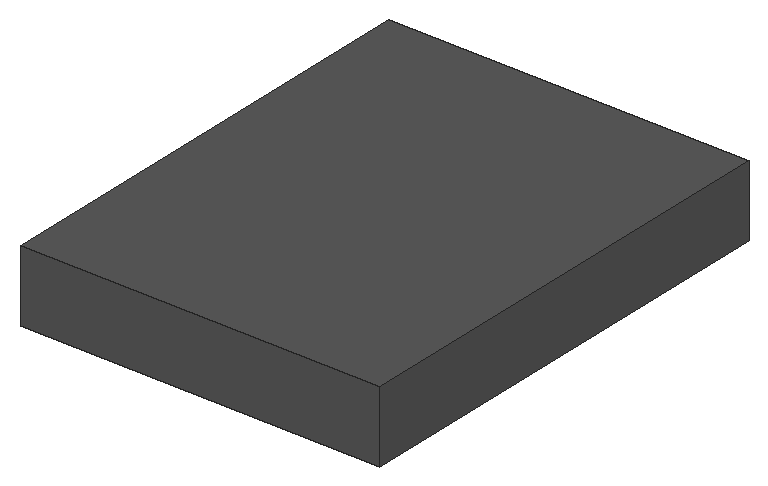
Revit family "FAD xx02", category Communication Devices, Revit 2020
Family settings
  Maintain Annotation Orientation = No
  Round Connector Dimension = Use Diameter
  Part Type = Normal
  Work Plane-Based = Yes
  Always vertical = No
  Cut with Voids When Loaded = Yes
  Shared = No
  Room Calculation Point = No
Parameters
  Weight (kg) [instance] = 2.6  # constant formula
  Voltage [instance] = "100 - 250 VAC"  # constant formula
  Model = "FAD xx02"
  Manufacturer = "Lab Gruppen"
  Default Elevation = 0 mm
  Current (Max) [instance] = 1  # constant formula
Reference planes
  plane 1 "Center (Front/Back)": y = 0
  plane 2: z = 0
  plane 3 "Center (Left/Right)": x = 0
  plane 4 "Rear panel": y = 278
  plane 5 "Front Panel": y = -2
Forms (mm)
  Extrusion 1, solid, material "Aluminium, Black"
    sketch origin (0, 0, 0) x (1, 0, 0) y (0, 0, 1)
      loop
        line (-108.999, 0) -> (108.999, 0) -> (108.999, 43.409) -> (-108.999, 43.409) -> (-108.999, 0)
    from 2 to -278
  Extrusion 2, void
    sketch origin (0, 278, 0) x (1, 0, 0) y (0, 0, 1)
      loop
        line (91.847, 28.878) -> (65.396, 28.878) -> (65.396, 9.945) -> (91.847, 9.945) -> (91.847, 28.878)
    from 0 to 20
  Extrusion 3, void
    sketch origin (-92.225, 278, 0) x (1, 0, 0) y (0, 0, 1)
      loop
        line (84.187, 35.614) -> (66.622, 35.614) -> (66.622, 9.945) -> (84.187, 9.945) -> (84.187, 35.614)
    from 0 to 20
  Extrusion 4, void
    sketch origin (-116.069, 278, 0) x (1, 0, 0) y (0, 0, 1)
      loop
        line (82.502, 19.869) -> (66.622, 19.869) -> (66.622, 5.837) -> (82.502, 5.837) -> (82.502, 19.869)
    from 0 to 20
Cuts and joins
  Extrusion 2, Extrusion 3, Extrusion 4 cuts Extrusion 1
Lines and regions (mm)
  Split face 1
    outline origin (0, -2, 0) x (1, 0, 0) y (0, 0, 1)
      loop
        line (2.245, 35.805) -> (2.245, 30.102) -> (99.216, 30.102) -> (99.216, 35.805) -> (2.245, 35.805)
  Split face 2
    outline origin (108.999, 278, 0) x (0, 0, -1) y (-1, 0, 0)
      loop
        line (-35.603, 100.425) -> (-35.603, 69.407) -> (-26.632, 69.407) -> (-26.632, 77.8) -> (-24.138, 77.8) -> (-24.138, 80.295) -> (-26.632, 80.295) -> (-26.632, 89.536) -> (-24.138, 89.536) -> (-24.138, 92.032) -> (-26.632, 92.032) -> (-26.632, 100.425) -> (-35.603, 100.425)
  Split face 3
    outline origin (108.999, 278, 0) x (0, 0, -1) y (-1, 0, 0)
      loop
        line (-34.09, 80.192) -> (-34.09, 79.391)
        arc (-34.09, 79.391) -> (-34.715, 77.244) -> (-34.09, 75.096) r 4
        line (-34.09, 75.096) -> (-34.09, 74.237) -> (-28.09, 74.237) -> (-28.09, 95.609) -> (-34.09, 95.609) -> (-34.09, 94.824)
        arc (-34.09, 94.824) -> (-34.715, 92.677) -> (-34.09, 90.529) r 4
        line (-34.09, 90.529) -> (-34.09, 89.567)
        arc (-34.09, 89.567) -> (-34.715, 87.42) -> (-34.09, 85.272) r 4
        line (-34.09, 85.272) -> (-34.09, 84.487)
        arc (-34.09, 84.487) -> (-34.715, 82.34) -> (-34.09, 80.192) r 4
  Split face 4
    outline origin (108.999, 278, 0) x (0, 0, -1) y (-1, 0, 0)
      loop
        circle (-28.839, 169.516) r 2.5
  Split face 5
    outline origin (108.999, 278, 0) x (0, 0, -1) y (-1, 0, 0)
      loop
        circle (-28.839, 208.49) r 2.574
  Split face 6
    outline origin (108.999, -2, 0) x (0, 0, 1) y (-1, 0, 0)
      loop
        line (33.294, 16.342) -> (32.296, 16.342) -> (32.296, 15.344) -> (33.294, 15.344) -> (33.294, 16.342)
  Split face 7
    outline origin (108.999, -2, 0) x (0, 0, 1) y (-1, 0, 0)
      loop
        line (33.294, 41.691) -> (32.296, 41.691) -> (32.296, 40.693) -> (33.294, 40.693) -> (33.294, 41.691)
  Split face 8
    outline origin (108.999, -2, 0) x (0, 0, 1) y (-1, 0, 0)
      loop
        line (33.294, 56.267) -> (32.296, 56.267) -> (32.296, 55.269) -> (33.294, 55.269) -> (33.294, 56.267)
  model lines
    curve 1: line (2.494, -2, 28.945) -> (98.963, -2, 28.945)
    curve 2: line (1.094, -2, 35.513) -> (1.094, -2, 30.345)
    curve 3: line (98.963, -2, 36.961) -> (2.542, -2, 36.961)
    curve 4: line (100.363, -2, 30.345) -> (100.363, -2, 35.561)
    curve 5: arc (2.542, -2, 36.961) -> (1.518, -2, 36.537) -> (1.094, -2, 35.513) r 1.448
    curve 6: arc (1.094, -2, 30.345) -> (1.504, -2, 29.356) -> (2.494, -2, 28.945) r 1.4
    curve 7: arc (100.363, -2, 35.561) -> (99.953, -2, 36.551) -> (98.963, -2, 36.961) r 1.4
    curve 8: arc (98.963, -2, 28.945) -> (99.953, -2, 29.356) -> (100.363, -2, 30.345) r 1.4
    curve 9: line (52.628, 278, 35.614) -> (43.067, 278, 35.614)
    curve 10: line (52.628, 278, 25.136) -> (52.628, 278, 35.614)
    curve 11: line (43.067, 278, 25.136) -> (52.628, 278, 25.136)
    curve 12: line (43.067, 278, 35.614) -> (43.067, 278, 25.136)
    curve 13: line (51.18, 278, 32.869) -> (49.583, 278, 32.869)
    curve 14: line (51.18, 278, 27.879) -> (51.18, 278, 32.869)
    curve 15: line (49.583, 278, 27.879) -> (51.18, 278, 27.879)
    curve 16: line (49.583, 278, 32.869) -> (49.583, 278, 27.879)
    curve 17: line (48.645, 278, 32.869) -> (47.048, 278, 32.869)
    curve 18: line (48.645, 278, 27.879) -> (48.645, 278, 32.869)
    curve 19: line (47.048, 278, 27.879) -> (48.645, 278, 27.879)
    curve 20: line (47.048, 278, 32.869) -> (47.048, 278, 27.879)
    curve 21: line (46.11, 278, 32.869) -> (44.514, 278, 32.869)
    curve 22: line (46.11, 278, 27.879) -> (46.11, 278, 32.869)
    curve 23: line (44.514, 278, 27.879) -> (46.11, 278, 27.879)
    curve 24: line (44.514, 278, 32.869) -> (44.514, 278, 27.879)
    curve 25: line (5.095, 278, 35.614) -> (-4.467, 278, 35.614)
    curve 26: line (5.095, 278, 25.136) -> (5.095, 278, 35.614)
    curve 27: line (-4.467, 278, 25.136) -> (5.095, 278, 25.136)
    curve 28: line (-4.467, 278, 35.614) -> (-4.467, 278, 25.136)
    curve 29: line (3.646, 278, 32.869) -> (2.05, 278, 32.869)
    curve 30: line (3.646, 278, 27.879) -> (3.646, 278, 32.869)
    curve 31: line (2.05, 278, 27.879) -> (3.646, 278, 27.879)
    curve 32: line (2.05, 278, 32.869) -> (2.05, 278, 27.879)
    curve 33: line (-0.485, 278, 27.879) -> (1.094, 278, 27.879)
    curve 34: line (-0.485, 278, 32.869) -> (-0.485, 278, 27.879)
    curve 35: line (1.094, 278, 32.869) -> (-0.485, 278, 32.869)
    curve 36: line (1.094, 278, 27.879) -> (1.094, 278, 32.869)
    curve 37: line (-1.423, 278, 27.879) -> (-3.02, 278, 27.879)
    curve 38: line (-1.423, 278, 32.869) -> (-1.423, 278, 27.879)
    curve 39: line (-3.02, 278, 32.869) -> (-1.423, 278, 32.869)
    curve 40: line (-3.02, 278, 27.879) -> (-3.02, 278, 32.869)
    curve 41: circle (-60.517, 278, 28.839) r 3.216 normal (0, -1, 0)
    curve 42: circle (-99.492, 278, 28.839) r 3.216 normal (0, -1, 0)
    curve 43: circle (36.758, 278, 31.391) r 1.248 normal (0, 1, 0)
    curve 44: circle (11.409, 278, 31.39) r 1.248 normal (0, 1, 0)
    curve 45: circle (-29.467, 278, 16.938) r 1.494 normal (0, 1, 0)
    curve 46: circle (-29.467, 278, 16.938) r 1.696 normal (0, 1, 0)
    curve 47: circle (-29.467, 278, 10.601) r 1.494 normal (0, 1, 0)
    curve 48: circle (-29.467, 278, 10.601) r 1.696 normal (0, 1, 0)
    curve 49: circle (-52.597, 278, 17.803) r 0.998 normal (0, 1, 0)
Dimensions and locks
  aligned and locked: level to plane 2
Nested families
  nested 1: "IEC" at (78.622, 278, 18.945) x (-1, 0, 0) z (0, 1, 0), type "IEC"
  nested 2: "RJ45 x2 chassis mount" at (-16.825, 278, 17.223) x (-1, 0, 0) z (0, 1, 0), type "RJ45 x2 chassis mount"
  nested 3: "RJ45 chassis mount" at (-41.507, 278, 12.929) x (-1, 0, 0) z (0, 1, 0), type "RJ45 chassis mount"
Connectors
  electrical at (78.591, 280, 19.42)
    settings: on nested 1, index 1, voltage 120 V, apparent load 0 VA, apparent load phase1 0 VA, apparent load phase2 0 VA, apparent load phase3 0 VA, power factor 1, load classification "Other", number of poles 1, system type 31, power factor state 1, is connector primary yes, connector utility no, sub classification motor no, connector description "100-240VAC IEC"
  electrical at (24.078, 278, 33.09)
    settings: on cut or joined group of Extrusion 1, Extrusion 2, Extrusion 3, Extrusion 4, index 2, voltage 0 V, apparent load 0 VA, apparent load phase1 0 VA, apparent load phase2 0 VA, apparent load phase3 0 VA, power factor 1, load classification "Other", number of poles 1, system type 14, power factor state 1, is connector primary no, connector utility no, sub classification motor no, connector description "Speaker Out - 4pin"
  electrical at (-16.821, 279.5, 22.745)
    settings: on nested 2, index 5, voltage 0 V, apparent load 0 VA, apparent load phase1 0 VA, apparent load phase2 0 VA, apparent load phase3 0 VA, power factor 1, load classification "Other", number of poles 1, system type 13, power factor state 1, is connector primary no, connector utility no, sub classification motor no, connector description "Remote - RJ45"
  electrical at (-41.507, 279.5, 12.853)
    settings: on nested 3, index 6, voltage 0 V, apparent load 0 VA, apparent load phase1 0 VA, apparent load phase2 0 VA, apparent load phase3 0 VA, power factor 1, load classification "Other", number of poles 1, system type 13, power factor state 1, is connector primary no, connector utility no, sub classification motor no, connector description "Network - RJ45"
Definition of nested family "IEC"
  Parameters (values of type "IEC")
    Default Elevation = 1219.2 mm
  Reference planes
    plane 1 "Center (Front/Back)": y = 0
    plane 2: z = 0
    plane 3 "Center (Left/Right)": x = 0
  Forms (mm)
    Extrusion 1, void
      sketch origin (0, 0, 0) x (1, 0, 0) y (0, 1, 0)
        loop
          arc (12, 6.432) -> (11.268, 8.2) -> (9.5, 8.932) r 2.5
          line (9.5, 8.932) -> (-9.5, 8.932)
          arc (-9.5, 8.932) -> (-11.268, 8.2) -> (-12, 6.432) r 2.5
          line (-12, 6.432) -> (-12, -3) -> (-7, -8) -> (7, -8) -> (12, -3) -> (12, 6.432)
      from 2 to -15
    Extrusion 2, solid
      sketch origin (0, 0.834, 0) x (1, 0, 0) y (0, 1, 0)
        loop
          arc (-12.127, 11.082) -> (-14.248, 10.203) -> (-15.127, 8.082) r 3
          line (-15.127, 8.082) -> (-15.127, -8.8)
          arc (-15.127, -8.8) -> (-14.248, -10.921) -> (-12.127, -11.8) r 3
          line (-12.127, -11.8) -> (12.188, -11.8)
          arc (12.188, -11.8) -> (14.309, -10.921) -> (15.188, -8.8) r 3
          line (15.188, -8.8) -> (15.188, 8.082)
          arc (15.188, 8.082) -> (14.309, 10.203) -> (12.188, 11.082) r 3
          line (12.188, 11.082) -> (-12.127, 11.082)
      from 2 to 0
    Extrusion 3, solid
      sketch origin (0, 0, 0) x (1, 0, 0) y (0, 1, 0)
        loop
          line (-8, 3.6) -> (-8, -0.4) -> (-6, -0.4) -> (-6, 3.6) -> (-8, 3.6)
      from 1 to -15
    Extrusion 4, solid
      sketch origin (7, -4, 0) x (1, 0, 0) y (0, 1, 0)
        loop
          line (-8, 3.6) -> (-8, -0.4) -> (-6, -0.4) -> (-6, 3.6) -> (-8, 3.6)
      from 1 to -15
    Extrusion 5, solid
      sketch origin (14, 0, 0) x (1, 0, 0) y (0, 1, 0)
        loop
          line (-8, 3.6) -> (-8, -0.4) -> (-6, -0.4) -> (-6, 3.6) -> (-8, 3.6)
      from 1 to -15
    Extrusion 6, void
      sketch origin (0, 0, 0) x (1, 0, 0) y (0, 1, 0)
        loop
          arc (-11.5, 10.742) -> (-13.268, 10.01) -> (-14, 8.242) r 2.5
          line (-14, 8.242) -> (-14, -7.466)
          arc (-14, -7.466) -> (-13.268, -9.234) -> (-11.5, -9.966) r 2.5
          line (-11.5, -9.966) -> (11.5, -9.966)
          arc (11.5, -9.966) -> (13.268, -9.234) -> (14, -7.466) r 2.5
          line (14, -7.466) -> (14, 8.242)
          arc (14, 8.242) -> (13.268, 10.01) -> (11.5, 10.742) r 2.5
          line (11.5, 10.742) -> (-11.5, 10.742)
      from 0 to -20
    Extrusion 7, solid
      sketch origin (0, 0.834, 0) x (1, 0, 0) y (0, 1, 0)
        loop
          arc (-11.5, 9.908) -> (-13.268, 9.176) -> (-14, 7.408) r 2.5
          line (-14, 7.408) -> (-14, -8.3)
          arc (-14, -8.3) -> (-13.268, -10.068) -> (-11.5, -10.8) r 2.5
          line (-11.5, -10.8) -> (11.5, -10.8)
          arc (11.5, -10.8) -> (13.268, -10.068) -> (14, -8.3) r 2.5
          line (14, -8.3) -> (14, 7.408)
          arc (14, 7.408) -> (13.268, 9.176) -> (11.5, 9.908) r 2.5
          line (11.5, 9.908) -> (-11.5, 9.908)
      from 0 to -20
  Cuts and joins
    Extrusion 1, Extrusion 6 cuts Extrusion 2
    Extrusion 1 cuts Extrusion 7
  Dimensions and locks
    aligned and locked: level to plane 2
Definition of nested family "RJ45 x2 chassis mount"
  Parameters
    Default Elevation = 1219.2 mm
  Reference planes
    plane 1 "Center (Front/Back)": y = 0
    plane 2: z = 0
    plane 3 "Center (Left/Right)": x = 0
  Forms (mm)
    Extrusion 1, void
      sketch origin (-12.612, 0, 0) x (1, 0, 0) y (0, 1, 0)
        loop
          line (6.713, 3.65) -> (6.713, -3.15) -> (9.313, -3.15) -> (9.313, -5.15) -> (10.763, -5.15) -> (10.763, -6.45) -> (14.463, -6.45) -> (14.463, -5.15) -> (15.913, -5.15) -> (15.913, -3.15) -> (18.513, -3.15) -> (18.513, 3.65) -> (6.713, 3.65)
      from -10 to 1.5
    Extrusion 2, solid
      sketch origin (0, 0, 0) x (1, 0, 0) y (0, 1, 0)
        loop
          line (-8.786, 18.392) -> (-8.786, -7.348) -> (8.779, -7.348) -> (8.779, 18.392) -> (-8.786, 18.392)
      from -15 to 1.5
    Extrusion 3, void
      sketch origin (0, 0, 0) x (1, 0, 0) y (0, 1, 0)
        loop
          line (-8.786, 18.392) -> (-8.786, -7.348) -> (8.779, -7.348) -> (8.779, 18.392) -> (-8.786, 18.392)
      from -15 to 0
    Extrusion 4, void
      sketch origin (12.613, 11.449, 0) x (-1, 0, 0) y (0, -1, 0)
        loop
          line (6.713, 3.65) -> (6.713, -3.15) -> (9.313, -3.15) -> (9.313, -5.15) -> (10.763, -5.15) -> (10.763, -6.45) -> (14.463, -6.45) -> (14.463, -5.15) -> (15.913, -5.15) -> (15.913, -3.15) -> (18.513, -3.15) -> (18.513, 3.65) -> (6.713, 3.65)
      from -10 to 1.5
  Cuts and joins
    Extrusion 1, Extrusion 4 cuts Extrusion 2
  Dimensions and locks
    aligned and locked: level to plane 2
Definition of nested family "RJ45 chassis mount"
  Parameters
    Default Elevation = 1219.2 mm
  Reference planes
    plane 1 "Center (Front/Back)": y = 0
    plane 2: z = 0
    plane 3 "Center (Left/Right)": x = 0
  Forms (mm)
    Extrusion 1, void
      sketch origin (-12.612, 0, 0) x (1, 0, 0) y (0, 1, 0)
        loop
          line (6.713, 3.65) -> (6.713, -3.15) -> (9.313, -3.15) -> (9.313, -5.15) -> (10.763, -5.15) -> (10.763, -6.45) -> (14.463, -6.45) -> (14.463, -5.15) -> (15.913, -5.15) -> (15.913, -3.15) -> (18.513, -3.15) -> (18.513, 3.65) -> (6.713, 3.65)
      from -10 to 1.5
    Extrusion 2, solid
      sketch origin (0, 0, 0) x (1, 0, 0) y (0, 1, 0)
        loop
          line (-7.94, 6.94) -> (-7.94, -7.092) -> (7.94, -7.092) -> (7.94, 6.94) -> (-7.94, 6.94)
      from -15 to 1.5
    Extrusion 3, void
      sketch origin (0, 0, 0) x (1, 0, 0) y (0, 1, 0)
        loop
          line (-7.94, 6.94) -> (-7.94, -7.092) -> (7.94, -7.092) -> (7.94, 6.94) -> (-7.94, 6.94)
      from -15 to 0
  Cuts and joins
    Extrusion 1 cuts Extrusion 2
  Dimensions and locks
    aligned and locked: level to plane 2
